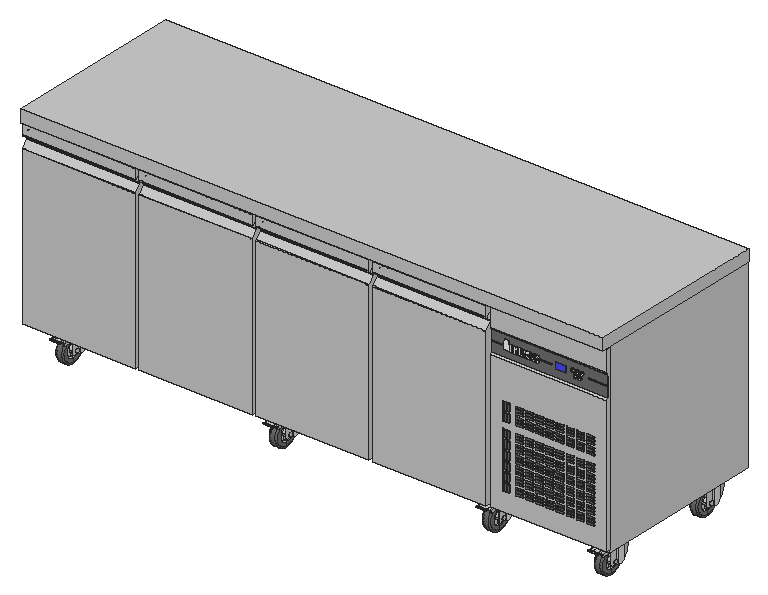
Revit family "QF_INOMAK_PNRP9999_250515103511", category Specialty Equipment, Revit 2021 (continued)
Definition of nested family "QF_INOMAK_REF_COUNTERS_DOORS_DRAWERS_6956"
  Definition of nested family "3_Drawers_1-3"
    Forms (mm)
      Extrusion 3, solid, visible <- "3 Drawers", detail levels coarse
        sketch origin (0, -640.463, 453.333) x (0, 1, 0) y (-1, 0, 0)
          loop
            line (-49.537, -35) -> (-624.582, -35) -> (-624.582, -1165) -> (-49.537, -1165) -> (-49.537, -35)
        from 0 to 293.667
      Extrusion 4, solid, visible <- "3 Drawers", detail levels coarse
        sketch origin (0, -700, 154) x (-1, 0, 0) y (0, 1, 0)
          loop
            line (-35, 10) -> (-1165, 10) -> (-1165, -565.045) -> (-35, -565.045) -> (-35, 10)
        from 0 to -294
      Extrusion 5, solid, material <- "Finish", visible <- "3 Drawers"
        sketch origin (35, 0, -220.667) x (0, -1, 0) y (0, 0, 1)
          loop
            line (690, 674) -> (690, 882.031)
            arc (690, 882.031) -> (689.866, 882.704) -> (689.485, 883.274) r 1.757
            line (689.485, 883.274) -> (666.663, 906.096)
            arc (666.663, 906.096) -> (665.976, 907.125) -> (665.734, 908.339) r 3.172
            line (665.734, 908.339) -> (665.734, 935.243)
            arc (665.734, 935.243) -> (666.433, 936.929) -> (668.119, 937.628) r 2.385
            line (668.119, 937.628) -> (680.029, 937.628) -> (686.544, 928.324)
            arc (686.544, 928.324) -> (688.671, 927.602) -> (690, 929.414) r 1.9
            line (690, 929.414) -> (690, 967.667) -> (648, 967.667) -> (648, 674) -> (690, 674)
        from 0 to -1130
      Extrusion 6, solid, material <- "Finish", visible <- "3 Drawers"
        sketch origin (35, 0, -441.333) x (0, -1, 0) y (0, 0, 1)
          loop
            line (690, 595.333) -> (690, 800.031)
            arc (690, 800.031) -> (689.866, 800.704) -> (689.485, 801.274) r 1.757
            line (689.485, 801.274) -> (666.663, 824.096)
            arc (666.663, 824.096) -> (665.976, 825.125) -> (665.734, 826.339) r 3.172
            line (665.734, 826.339) -> (665.734, 857.243)
            arc (665.734, 857.243) -> (666.433, 858.929) -> (668.119, 859.628) r 2.385
            line (668.119, 859.628) -> (680.029, 859.628) -> (686.544, 850.324)
            arc (686.544, 850.324) -> (688.671, 849.602) -> (690, 851.414) r 1.9
            line (690, 851.414) -> (690, 889.333) -> (648, 889.333) -> (648, 595.333) -> (690, 595.333)
        from 0 to -1130
    Lines and regions (mm)
      symbolic lines, visible <- "3 Drawers"
        curve 1: line (35, -850, 900) -> (35, -890, 900)
        curve 2: line (35, -890, 900) -> (1165, -890, 900)
        curve 3: line (1165, -890, 900) -> (1165, -850, 900)
        curve 4: line (1165, -850, 900) -> (35, -850, 900)
        curve 5: line (1135, -850, 900) -> (1135, -700, 900)
        curve 6: line (65, -850, 900) -> (65, -700, 900)
        curve 7: line (35, -1040, 900) -> (35, -1080, 900)
        curve 8: line (35, -1080, 900) -> (1165, -1080, 900)
        curve 9: line (1165, -1080, 900) -> (1165, -1040, 900)
        curve 10: line (1165, -1040, 900) -> (35, -1040, 900)
        curve 11: line (1135, -1040, 900) -> (1135, -890, 900)
        curve 12: line (65, -1040, 900) -> (65, -890, 900)
        curve 13: line (35, -1225, 900) -> (35, -1265, 900)
        curve 14: line (35, -1265, 900) -> (1165, -1265, 900)
        curve 15: line (1165, -1265, 900) -> (1165, -1225, 900)
        curve 16: line (1165, -1225, 900) -> (35, -1225, 900)
        curve 17: line (1135, -1225, 900) -> (1135, -1080, 900)
        curve 18: line (65, -1225, 900) -> (65, -1080, 900)
    Dimensions and locks
      "Length Actual": plane 3 "Left" to plane 4 "Right"
      "Depth Actual": plane 5 "Front" to plane 1 "Back"
      "Height Actual": plane 6 "Top" to plane 8 "Legs top"
      "Front inset": plane 7 "Front legs" to plane 5 "Front"
      "Plinth height": plane 8 "Legs top" to plane 2
      "Rear inset": plane 9 "Backsplash thickness" to plane 1 "Back"
      "Right panel thickness": plane 11 "Right panel" to plane 4 "Right"
      "Left panel thickness": plane 3 "Left" to plane 10 "Left panel"
      plane 14 to plane 15 = 4.667 mm
      equal spacing: plane 14, plane 12, plane 15
      locked: plane 16 to plane 13 at 2
      equal spacing: plane 18, plane 17, plane 19
      plane 18 to plane 19 = 5.333 mm
      "Bottom inset": plane 20 to plane 8 "Legs top"
      equal spacing: plane 21, plane 17, plane 12, plane 16
      "Top inset": plane 13 to plane 6 "Top"
      locked: plane 21 to plane 20 at 2
      aligned and locked: level to plane 2
      aligned and locked: Extrusion 1 to plane 11 "Right panel"
      aligned and locked: plane 10 "Left panel" to curve 1
      aligned and locked: plane 10 "Left panel" to curve 7
      aligned and locked: plane 10 "Left panel" to curve 13
      aligned and locked: Extrusion 2 sketch curve to plane 10 "Left panel"
      aligned and locked: plane 11 "Right panel" to Extrusion 2 sketch curve
      aligned and locked: Extrusion 3 sketch curve to plane 10 "Left panel"
      aligned and locked: plane 11 "Right panel" to Extrusion 3 sketch curve
      aligned and locked: Extrusion 4 sketch curve to plane 10 "Left panel"
      aligned and locked: plane 11 "Right panel" to Extrusion 4 sketch curve
      aligned and locked: Extrusion 2 to plane 13
      aligned and locked: Extrusion 3 to plane 15
      aligned and locked: Extrusion 4 to plane 19
      aligned and locked: Extrusion 5 to plane 11 "Right panel"
      aligned and locked: Extrusion 6 to plane 11 "Right panel"
      aligned and locked: Extrusion 1 sketch curve to plane 13
      aligned and locked: Extrusion 1 sketch curve to plane 7 "Front legs"
      aligned and locked: plane 18 to Extrusion 5 sketch curve
      aligned and locked: Extrusion 6 sketch curve to Extrusion 4  (x2)
      aligned and locked: Extrusion 5 sketch curve to plane 15
      aligned and locked: Extrusion 4 to Extrusion 5 sketch curve
      aligned and locked: Extrusion 6 sketch curve to plane 19
      aligned and locked: Extrusion 6 sketch curve to plane 20
    Automatic sketch dimensions
      Extrusion 2 sketch curve to plane 7 "Front legs" = 0 mm
      Extrusion 2 sketch curve to plane 5 "Front" = 565.045 mm
      Extrusion 3 sketch curve to plane 7 "Front legs" = 0 mm
      Extrusion 3 sketch curve to plane 5 "Front" = 565.045 mm
      Extrusion 4 sketch curve to plane 7 "Front legs" = 0 mm
      Extrusion 4 sketch curve to plane 5 "Front" = 565.045 mm
      curve 14 to plane 11 "Right panel" = 0 mm
      curve 8 to plane 11 "Right panel" = 0 mm
      curve 3 to plane 11 "Right panel" = 0 mm
      curve 6 to plane 5 "Front" = 0 mm
      curve 5 to plane 5 "Front" = 0 mm
      curve 1 to plane 5 "Front" = 150 mm
      curve 2 to curve 3 = 40 mm
      curve 10 to curve 1 = 150 mm
      curve 9 to curve 9 = 40 mm
      curve 13 to curve 7 = 145 mm
      curve 14 to curve 13 = 40 mm
      curve 3 to curve 5 = 30 mm
      curve 15 to curve 17 = 30 mm
      curve 11 to curve 17 = 0 mm
      curve 6 to plane 10 "Left panel" = 30 mm
      curve 18 to plane 10 "Left panel" = 30 mm
      curve 12 to curve 18 = 0 mm
      Extrusion 1 sketch curve to plane 14 = 0 mm
      Extrusion 1 sketch curve to plane 7 "Front legs" = 0 mm
      plane 7 "Front legs" to Extrusion 1 sketch curve = 0.515 mm
      plane 7 "Front legs" to Extrusion 1 sketch curve = 1.757 mm
      plane 7 "Front legs" to Extrusion 1 sketch curve = 1.9 mm
      Extrusion 1 sketch curve to Extrusion 1 sketch curve = 1.556 mm
      plane 7 "Front legs" to Extrusion 1 sketch curve = 9.971 mm
      plane 7 "Front legs" to Extrusion 1 sketch curve = 21.094 mm
      Extrusion 1 sketch curve to Extrusion 1 sketch curve = 11.91 mm
      Extrusion 1 sketch curve to Extrusion 1 sketch curve = 2.243 mm
      Extrusion 1 sketch curve to Extrusion 1 sketch curve = 2.385 mm
      Extrusion 1 sketch curve to Extrusion 1 sketch curve = 20.119 mm
      plane 13 to Extrusion 1 sketch curve = 85.635 mm
      Extrusion 1 sketch curve to Extrusion 1 sketch curve = 22.822 mm
      Extrusion 1 sketch curve to Extrusion 1 sketch curve = 19.985 mm
      Extrusion 1 sketch curve to Extrusion 1 sketch curve = 6.919 mm
      plane 15 to Extrusion 5 sketch curve = 59.328 mm
      Extrusion 5 sketch curve to Extrusion 5 sketch curve = 17.734 mm
      plane 15 to Extrusion 5 sketch curve = 61.571 mm
      Extrusion 5 sketch curve to Extrusion 5 sketch curve = 0.929 mm
      Extrusion 5 sketch curve to Extrusion 5 sketch curve = 2.385 mm
      Extrusion 5 sketch curve to Extrusion 5 sketch curve = 11.91 mm
      Extrusion 5 sketch curve to Extrusion 5 sketch curve = 6.515 mm
      Extrusion 5 sketch curve to Extrusion 5 sketch curve = 1.556 mm
      Extrusion 5 sketch curve to Extrusion 5 sketch curve = 21.58 mm
      plane 15 to Extrusion 5 sketch curve = 84.393 mm
      Extrusion 5 sketch curve to Extrusion 5 sketch curve = 1.242 mm
      Extrusion 5 sketch curve to Extrusion 5 sketch curve = 1.9 mm
      Extrusion 5 sketch curve to Extrusion 5 sketch curve = 0.515 mm
      Extrusion 5 sketch curve to Extrusion 5 sketch curve = 6.919 mm
      Extrusion 5 sketch curve to Extrusion 5 sketch curve = 30.039 mm
      plane 7 "Front legs" to Extrusion 6 sketch curve = 0.515 mm
      plane 7 "Front legs" to Extrusion 6 sketch curve = 1.757 mm
      plane 7 "Front legs" to Extrusion 6 sketch curve = 1.9 mm
      Extrusion 6 sketch curve to Extrusion 6 sketch curve = 1.556 mm
      plane 7 "Front legs" to Extrusion 6 sketch curve = 9.971 mm
      plane 7 "Front legs" to Extrusion 6 sketch curve = 21.094 mm
      Extrusion 6 sketch curve to Extrusion 6 sketch curve = 11.91 mm
      Extrusion 6 sketch curve to Extrusion 6 sketch curve = 2.243 mm
      Extrusion 6 sketch curve to Extrusion 6 sketch curve = 2.385 mm
      Extrusion 6 sketch curve to Extrusion 6 sketch curve = 20.119 mm
      plane 19 to Extrusion 6 sketch curve = 89.302 mm
      Extrusion 6 sketch curve to Extrusion 6 sketch curve = 22.822 mm
      Extrusion 6 sketch curve to Extrusion 6 sketch curve = 23.985 mm
      Extrusion 6 sketch curve to Extrusion 6 sketch curve = 6.919 mm
  Definition of nested family "2_Drawers_1-2"
    Parameters (values of type "2 Drawers 1-2")
      URL = "www.specifiglobal.com"
      Top inset [instance] = 4 mm
      Right panel thickness [instance] = 35 mm
      Rear inset [instance] = 10 mm
      Plinth height [instance] = 150 mm
      Model = ""
      Manufacturer = "DEMO CONSULTANT"
      Length Actual [instance] = 1200 mm
      Left panel thickness [instance] = 35 mm
      Height Actual [instance] = 900 mm
      Front inset [instance] = 10 mm
      Finish = none
      Doors drawers type [instance] = 4
      Description = ""
      Depth Actual [instance] = 700 mm
      Default Elevation = 0 mm
      Bottom inset [instance] = 4 mm
      Assembly Code = "E1090320"
      2 Drawers [instance] = Doors drawers type = 4  # yes
    Reference planes
      plane 1 "Back": y = 0
      plane 2: z = 0
      plane 3 "Left": x = 0
      plane 4 "Right": x = 1200
      plane 5 "Front": y = -700
      plane 6 "Top": z = 1050
      plane 7 "Front legs": y = -690
      plane 8 "Legs top": z = 150
      plane 9 "Backsplash thickness": y = -10
      plane 10 "Left panel": x = 35
      plane 11 "Right panel": x = 1165
      plane 12: z = 600
      plane 13: z = 1046
      plane 14: z = 602
      plane 15: z = 598
      plane 16: z = 154
    Forms (mm)
      Extrusion 1, solid, material <- "Finish", visible <- "2 Drawers"
        sketch origin (35, 0, 0) x (0, -1, 0) y (0, 0, 1)
          loop
            line (690, 602) -> (690, 960.365)
            arc (690, 960.365) -> (689.866, 961.037) -> (689.485, 961.607) r 1.757
            line (689.485, 961.607) -> (666.663, 984.429)
            arc (666.663, 984.429) -> (665.976, 985.458) -> (665.734, 986.672) r 3.172
            line (665.734, 986.672) -> (665.734, 1013.576)
            arc (665.734, 1013.576) -> (666.433, 1015.262) -> (668.119, 1015.961) r 2.385
            line (668.119, 1015.961) -> (680.029, 1015.961) -> (686.544, 1006.657)
            arc (686.544, 1006.657) -> (688.671, 1005.935) -> (690, 1007.747) r 1.9
            line (690, 1007.747) -> (690, 1046) -> (648, 1046) -> (648, 602) -> (690, 602)
        from 0 to -1130
      Extrusion 2, solid, visible <- "2 Drawers", detail levels coarse
        sketch origin (0, -640.463, 602) x (0, 1, 0) y (-1, 0, 0)
          loop
            line (-49.537, -35) -> (-624.537, -35) -> (-624.537, -1165) -> (-49.537, -1165) -> (-49.537, -35)
        from 0 to 444
      Extrusion 3, solid, visible <- "2 Drawers", detail levels coarse
        sketch origin (0, -700, 154) x (-1, 0, 0) y (0, 1, 0)
          loop
            line (-35, 10) -> (-1165, 10) -> (-1165, -565) -> (-35, -565) -> (-35, 10)
        from 0 to -444
      Extrusion 4, solid, material <- "Finish", visible <- "2 Drawers"
        sketch origin (35, 0, -441.333) x (0, -1, 0) y (0, 0, 1)
          loop
            line (690, 595.333) -> (690, 953.698)
            arc (690, 953.698) -> (689.866, 954.37) -> (689.485, 954.94) r 1.757
            line (689.485, 954.94) -> (666.663, 977.763)
            arc (666.663, 977.763) -> (665.976, 978.792) -> (665.734, 980.006) r 3.172
            line (665.734, 980.006) -> (665.734, 1006.909)
            arc (665.734, 1006.909) -> (666.433, 1008.596) -> (668.119, 1009.294) r 2.385
            line (668.119, 1009.294) -> (680.029, 1009.294) -> (686.544, 999.991)
            arc (686.544, 999.991) -> (688.671, 999.268) -> (690, 1001.08) r 1.9
            line (690, 1001.08) -> (690, 1039.333) -> (648, 1039.333) -> (648, 595.333) -> (690, 595.333)
        from 0 to -1130
    Lines and regions (mm)
      symbolic lines, visible <- "2 Drawers"
        curve 1: line (35, -940, 900) -> (35, -980, 900)
        curve 2: line (35, -980, 900) -> (1165, -980, 900)
        curve 3: line (1165, -980, 900) -> (1165, -940, 900)
        curve 4: line (1165, -940, 900) -> (35, -940, 900)
        curve 5: line (1135, -940, 900) -> (1135, -700, 900)
        curve 6: line (65, -940, 900) -> (65, -700, 900)
        curve 7: line (35, -1225, 900) -> (35, -1265, 900)
        curve 8: line (35, -1265, 900) -> (1165, -1265, 900)
        curve 9: line (1165, -1265, 900) -> (1165, -1225, 900)
        curve 10: line (1165, -1225, 900) -> (35, -1225, 900)
        curve 11: line (1135, -1225, 900) -> (1135, -980, 900)
        curve 12: line (65, -1225, 900) -> (65, -980, 900)
    Dimensions and locks
      "Length Actual": plane 3 "Left" to plane 4 "Right"
      "Depth Actual": plane 5 "Front" to plane 1 "Back"
      "Height Actual": plane 6 "Top" to plane 8 "Legs top"
      "Front inset": plane 7 "Front legs" to plane 5 "Front"
      "Plinth height": plane 8 "Legs top" to plane 2
      "Rear inset": plane 9 "Backsplash thickness" to plane 1 "Back"
      "Right panel thickness": plane 11 "Right panel" to plane 4 "Right"
      "Left panel thickness": plane 3 "Left" to plane 10 "Left panel"
      "Top inset": plane 6 "Top" to plane 13
      "Bottom inset": plane 16 to plane 8 "Legs top"
      equal spacing: plane 16, plane 12, plane 13
      locked: plane 14 to plane 12 at 2
      locked: plane 15 to plane 12 at 2
      aligned and locked: level to plane 2
      aligned and locked: Extrusion 1 to plane 11 "Right panel"
      aligned and locked: plane 10 "Left panel" to curve 1
      aligned and locked: plane 10 "Left panel" to curve 7
      aligned and locked: Extrusion 2 sketch curve to plane 10 "Left panel"
      aligned and locked: plane 11 "Right panel" to Extrusion 2 sketch curve
      aligned and locked: Extrusion 3 sketch curve to plane 10 "Left panel"
      aligned and locked: plane 11 "Right panel" to Extrusion 3 sketch curve
      aligned and locked: Extrusion 2 to plane 13
      aligned and locked: Extrusion 4 to plane 11 "Right panel"
      aligned and locked: Extrusion 3 to plane 15
      aligned and locked: Extrusion 1 sketch curve to plane 13
      aligned and locked: Extrusion 1 sketch curve to plane 7 "Front legs"
      aligned and locked: plane 14 to Extrusion 1 sketch curve
      aligned and locked: Extrusion 4 sketch curve to plane 15
      aligned and locked: Extrusion 4 sketch curve to plane 7 "Front legs"
      aligned and locked: Extrusion 4 sketch curve to plane 16
    Automatic sketch dimensions
      Extrusion 2 sketch curve to plane 7 "Front legs" = 0 mm
      Extrusion 2 sketch curve to plane 5 "Front" = 565 mm
      Extrusion 3 sketch curve to plane 7 "Front legs" = 0 mm
      Extrusion 3 sketch curve to plane 5 "Front" = 565 mm
      curve 9 to plane 11 "Right panel" = 0 mm
      curve 2 to plane 11 "Right panel" = 0 mm
      curve 5 to plane 5 "Front" = 0 mm
      curve 6 to plane 5 "Front" = 0 mm
      curve 1 to plane 5 "Front" = 240 mm
      curve 3 to curve 3 = 40 mm
      curve 7 to curve 1 = 245 mm
      curve 8 to curve 9 = 40 mm
      plane 11 "Right panel" to curve 5 = 30 mm
      curve 2 to curve 11 = 30 mm
      curve 6 to plane 10 "Left panel" = 30 mm
      curve 12 to plane 10 "Left panel" = 30 mm
      Extrusion 1 sketch curve to Extrusion 1 sketch curve = 17.734 mm
      Extrusion 1 sketch curve to Extrusion 1 sketch curve = 0.929 mm
      Extrusion 1 sketch curve to Extrusion 1 sketch curve = 2.385 mm
      Extrusion 1 sketch curve to Extrusion 1 sketch curve = 3.172 mm
      Extrusion 1 sketch curve to Extrusion 1 sketch curve = 11.91 mm
      Extrusion 1 sketch curve to Extrusion 1 sketch curve = 6.515 mm
      Extrusion 1 sketch curve to Extrusion 1 sketch curve = 1.556 mm
      Extrusion 1 sketch curve to Extrusion 1 sketch curve = 21.58 mm
      Extrusion 1 sketch curve to Extrusion 1 sketch curve = 1.242 mm
      Extrusion 1 sketch curve to Extrusion 1 sketch curve = 1.9 mm
      Extrusion 1 sketch curve to Extrusion 1 sketch curve = 0.515 mm
      Extrusion 1 sketch curve to Extrusion 1 sketch curve = 22.822 mm
      Extrusion 1 sketch curve to Extrusion 1 sketch curve = 19.985 mm
      Extrusion 1 sketch curve to Extrusion 1 sketch curve = 6.919 mm
      Extrusion 1 sketch curve to Extrusion 1 sketch curve = 30.039 mm
      Extrusion 4 sketch curve to plane 7 "Front legs" = 0 mm
      plane 7 "Front legs" to Extrusion 4 sketch curve = 0.515 mm
      plane 7 "Front legs" to Extrusion 4 sketch curve = 1.757 mm
      plane 7 "Front legs" to Extrusion 4 sketch curve = 1.9 mm
      Extrusion 4 sketch curve to Extrusion 4 sketch curve = 1.556 mm
      plane 7 "Front legs" to Extrusion 4 sketch curve = 9.971 mm
      plane 7 "Front legs" to Extrusion 4 sketch curve = 21.094 mm
      Extrusion 4 sketch curve to Extrusion 4 sketch curve = 11.91 mm
      Extrusion 4 sketch curve to Extrusion 4 sketch curve = 2.243 mm
      Extrusion 4 sketch curve to Extrusion 4 sketch curve = 2.385 mm
      Extrusion 4 sketch curve to Extrusion 4 sketch curve = 20.119 mm
      Extrusion 4 sketch curve to Extrusion 4 sketch curve = 22.822 mm
      Extrusion 4 sketch curve to Extrusion 4 sketch curve = 19.985 mm
      Extrusion 4 sketch curve to Extrusion 4 sketch curve = 6.919 mm
      Extrusion 4 sketch curve to Extrusion 4 sketch curve = 30.039 mm
  Definition of nested family "2_Drawers_1-3_2-3"
    Parameters (values of type "2 Drawers 1-3 and 2-3")
      URL = "www.specifiglobal.com"
      Top inset [instance] = 4 mm
      Right panel thickness [instance] = 35 mm
      Rear inset [instance] = 10 mm
      Plinth height [instance] = 150 mm
      Model = ""
      Manufacturer = "DEMO CONSULTANT"
      Length Actual [instance] = 1200 mm
      Left panel thickness [instance] = 35 mm
      Height Actual [instance] = 900 mm
      Front inset [instance] = 10 mm
      Finish = none
      Doors drawers type [instance] = 5
      Description = ""
      Depth Actual [instance] = 700 mm
      Default Elevation = 0 mm
      Bottom inset [instance] = 4 mm
      Assembly Code = "E1090320"
      2 Drawers 1-3 and 2-3 [instance] = Doors drawers type = 5  # yes
    Reference planes
      plane 1 "Back": y = 0
      plane 2: z = 0
      plane 3 "Left": x = 0
      plane 4 "Right": x = 1200
      plane 5 "Front": y = -700
      plane 6 "Top": z = 1050
      plane 7 "Front legs": y = -690
      plane 8 "Legs top": z = 150
      plane 9 "Backsplash thickness": y = -10
      plane 10 "Left panel": x = 35
      plane 11 "Right panel": x = 1165
      plane 12: z = 1046
      plane 13: z = 751.833
      plane 14: z = 746.833
      plane 15: z = 154
      plane 16: z = 450.667
      plane 17: z = 152
      plane 18: z = 1048
      plane 19: z = 749.333
    Forms (mm)
      Extrusion 1, solid, material <- "Finish", visible <- "2 Drawers 1-3 and 2-3"
        sketch origin (35, 0, 0) x (0, -1, 0) y (0, 0, 1)
          loop
            line (690, 751.833) -> (690, 960.365)
            arc (690, 960.365) -> (689.866, 961.037) -> (689.485, 961.607) r 1.757
            line (689.485, 961.607) -> (666.663, 984.429)
            arc (666.663, 984.429) -> (665.976, 985.458) -> (665.734, 986.672) r 3.172
            line (665.734, 986.672) -> (665.734, 1013.576)
            arc (665.734, 1013.576) -> (666.433, 1015.262) -> (668.119, 1015.961) r 2.385
            line (668.119, 1015.961) -> (680.029, 1015.961) -> (686.544, 1006.657)
            arc (686.544, 1006.657) -> (688.671, 1005.935) -> (690, 1007.747) r 1.9
            line (690, 1007.747) -> (690, 1046) -> (648, 1046) -> (648, 751.833) -> (690, 751.833)
        from 0 to -1130
      Extrusion 2, solid, visible <- "2 Drawers 1-3 and 2-3", detail levels coarse
        sketch origin (0, -640.463, 751.833) x (0, 1, 0) y (-1, 0, 0)
          loop
            line (-49.537, -35) -> (-624.537, -35) -> (-624.537, -1165) -> (-49.537, -1165) -> (-49.537, -35)
        from 0 to 294.167
      Extrusion 3, solid, visible <- "2 Drawers 1-3 and 2-3", detail levels coarse
        sketch origin (0, -700, 154) x (-1, 0, 0) y (0, 1, 0)
          loop
            line (-35, 10) -> (-1165, 10) -> (-1165, -565) -> (-35, -565) -> (-35, 10)
        from 0 to -592.833
      Extrusion 4, solid, material <- "Finish", visible <- "2 Drawers 1-3 and 2-3"
        sketch origin (35, 0, -441.333) x (0, -1, 0) y (0, 0, 1)
          loop
            line (690, 595.333) -> (690, 1101.698)
            arc (690, 1101.698) -> (689.866, 1102.37) -> (689.485, 1102.94) r 1.757
            line (689.485, 1102.94) -> (666.663, 1126.596)
            arc (666.663, 1126.596) -> (665.976, 1127.625) -> (665.734, 1128.839) r 3.172
            line (665.734, 1128.839) -> (665.734, 1155.743)
            arc (665.734, 1155.743) -> (666.433, 1157.429) -> (668.119, 1158.128) r 2.385
            line (668.119, 1158.128) -> (680.029, 1158.128) -> (686.544, 1148.824)
            arc (686.544, 1148.824) -> (688.671, 1148.102) -> (690, 1149.914) r 1.9
            line (690, 1149.914) -> (690, 1188.167) -> (648, 1188.167) -> (648, 595.333) -> (690, 595.333)
        from 0 to -1130
    Lines and regions (mm)
      symbolic lines, visible <- "2 Drawers 1-3 and 2-3"
        curve 1: line (35, -1000, 900) -> (35, -1040, 900)
        curve 2: line (35, -1040, 900) -> (1165, -1040, 900)
        curve 3: line (1165, -1040, 900) -> (1165, -1000, 900)
        curve 4: line (1165, -1000, 900) -> (35, -1000, 900)
        curve 5: line (1135, -1000, 900) -> (1135, -700, 900)
        curve 6: line (65, -1000, 900) -> (65, -700, 900)
        curve 7: line (35, -1225, 900) -> (35, -1265, 900)
        curve 8: line (35, -1265, 900) -> (1165, -1265, 900)
        curve 9: line (1165, -1265, 900) -> (1165, -1225, 900)
        curve 10: line (1165, -1225, 900) -> (35, -1225, 900)
        curve 11: line (1135, -1225, 900) -> (1135, -1040, 900)
        curve 12: line (65, -1225, 900) -> (65, -1040, 900)
    Dimensions and locks
      "Length Actual": plane 3 "Left" to plane 4 "Right"
      "Depth Actual": plane 5 "Front" to plane 1 "Back"
      "Height Actual": plane 6 "Top" to plane 8 "Legs top"
      "Front inset": plane 7 "Front legs" to plane 5 "Front"
      "Plinth height": plane 8 "Legs top" to plane 2
      "Rear inset": plane 9 "Backsplash thickness" to plane 1 "Back"
      "Right panel thickness": plane 11 "Right panel" to plane 4 "Right"
      "Left panel thickness": plane 3 "Left" to plane 10 "Left panel"
      "Top inset": plane 6 "Top" to plane 12
      locked: plane 13 to plane 14 at 5
      "Bottom inset": plane 15 to plane 8 "Legs top"
      equal spacing: plane 17, plane 16, plane 19, plane 18
      equal spacing: plane 12, plane 18, plane 6 "Top"
      equal spacing: plane 14, plane 19, plane 13
      equal spacing: plane 15, plane 17, plane 8 "Legs top"
      aligned and locked: level to plane 2
      aligned and locked: Extrusion 1 to plane 11 "Right panel"
      aligned and locked: plane 10 "Left panel" to curve 1
      aligned and locked: plane 10 "Left panel" to curve 7
      aligned and locked: Extrusion 2 sketch curve to plane 10 "Left panel"
      aligned and locked: plane 11 "Right panel" to Extrusion 2 sketch curve
      aligned and locked: Extrusion 3 sketch curve to plane 10 "Left panel"
      aligned and locked: plane 11 "Right panel" to Extrusion 3 sketch curve
      aligned and locked: Extrusion 2 to plane 12
      aligned and locked: Extrusion 4 to plane 11 "Right panel"
      aligned and locked: Extrusion 3 to plane 14
      aligned and locked: plane 13 to Extrusion 1 sketch curve
      aligned and locked: Extrusion 2 to Extrusion 1 sketch curve
      aligned and locked: Extrusion 3 to Extrusion 4 sketch curve
      aligned and locked: Extrusion 4 sketch curve to Extrusion 3  (x2)
      aligned and locked: Extrusion 1 sketch curve to plane 7 "Front legs"
    Automatic sketch dimensions
      Extrusion 2 sketch curve to plane 7 "Front legs" = 0 mm
      Extrusion 2 sketch curve to plane 5 "Front" = 565 mm
      Extrusion 3 sketch curve to plane 7 "Front legs" = 0 mm
      Extrusion 3 sketch curve to plane 5 "Front" = 565 mm
      curve 9 to plane 11 "Right panel" = 0 mm
      curve 2 to plane 11 "Right panel" = 0 mm
      curve 5 to plane 5 "Front" = 0 mm
      curve 6 to plane 5 "Front" = 0 mm
      curve 1 to plane 5 "Front" = 300 mm
      curve 3 to curve 3 = 40 mm
      curve 7 to curve 1 = 185 mm
      curve 8 to curve 9 = 40 mm
      plane 11 "Right panel" to curve 5 = 30 mm
      curve 11 to curve 5 = 0 mm
      curve 6 to plane 10 "Left panel" = 30 mm
      curve 12 to curve 6 = 0 mm
      Extrusion 1 sketch curve to plane 7 "Front legs" = 0 mm
      plane 7 "Front legs" to Extrusion 1 sketch curve = 0.515 mm
      plane 7 "Front legs" to Extrusion 1 sketch curve = 1.757 mm
      plane 7 "Front legs" to Extrusion 1 sketch curve = 1.9 mm
      Extrusion 1 sketch curve to Extrusion 1 sketch curve = 1.556 mm
      plane 7 "Front legs" to Extrusion 1 sketch curve = 9.971 mm
      plane 7 "Front legs" to Extrusion 1 sketch curve = 21.094 mm
      Extrusion 1 sketch curve to Extrusion 1 sketch curve = 11.91 mm
      Extrusion 1 sketch curve to Extrusion 1 sketch curve = 2.243 mm
      Extrusion 1 sketch curve to Extrusion 1 sketch curve = 2.385 mm
      Extrusion 1 sketch curve to Extrusion 1 sketch curve = 20.119 mm
      plane 12 to Extrusion 1 sketch curve = 85.635 mm
      Extrusion 1 sketch curve to Extrusion 1 sketch curve = 22.822 mm
      Extrusion 1 sketch curve to Extrusion 1 sketch curve = 19.985 mm
      Extrusion 1 sketch curve to Extrusion 1 sketch curve = 6.919 mm
      plane 12 to Extrusion 1 sketch curve = 0 mm
      Extrusion 4 sketch curve to plane 7 "Front legs" = 0 mm
      plane 7 "Front legs" to Extrusion 4 sketch curve = 0.515 mm
      plane 7 "Front legs" to Extrusion 4 sketch curve = 1.9 mm
      Extrusion 4 sketch curve to Extrusion 4 sketch curve = 1.556 mm
      plane 7 "Front legs" to Extrusion 4 sketch curve = 9.971 mm
      plane 7 "Front legs" to Extrusion 4 sketch curve = 21.094 mm
      Extrusion 4 sketch curve to Extrusion 4 sketch curve = 11.91 mm
      Extrusion 4 sketch curve to Extrusion 4 sketch curve = 2.243 mm
      Extrusion 4 sketch curve to Extrusion 4 sketch curve = 2.385 mm
      Extrusion 4 sketch curve to Extrusion 4 sketch curve = 20.119 mm
      Extrusion 4 sketch curve to Extrusion 4 sketch curve = 86.469 mm
      Extrusion 4 sketch curve to Extrusion 4 sketch curve = 23.656 mm
      Extrusion 4 sketch curve to Extrusion 4 sketch curve = 19.985 mm
      Extrusion 4 sketch curve to Extrusion 4 sketch curve = 6.919 mm
      plane 7 "Front legs" to Extrusion 4 sketch curve = 1.757 mm
  Definition of nested family "Sliding_Doors"
    Parameters (values of type "Sliding doors")
      URL = "www.specifiglobal.com"
      Top inset [instance] = 4 mm
      Sliding doors [instance] = Doors drawers type = 2  # yes
      Right panel thickness [instance] = 35 mm
      Rear inset [instance] = 10 mm
      Plinth height [instance] = 150 mm
      Model = ""
      Manufacturer = "DEMO CONSULTANT"
      Length Actual [instance] = 1200 mm
      Left panel thickness [instance] = 35 mm
      Height Actual [instance] = 900 mm
      Front inset [instance] = 10 mm
      Finish [instance] = none
      Doors drawers type [instance] = 2
      Description = ""
      Depth Actual [instance] = 700 mm
      Default Elevation = 0 mm
      Bottom inset [instance] = 4 mm
      Assembly Code = "E1090320"
    Reference planes
      plane 1 "Back": y = 0
      plane 2: z = 0
      plane 3 "Left": x = 0
      plane 4 "Right": x = 1200
      plane 5 "Front": y = -700
      plane 6 "Top": z = 1050
      plane 7 "Front legs": y = -690
      plane 8 "Legs top": z = 150
      plane 9 "Backsplash thickness": y = -10
      plane 10: x = 35
      plane 11: x = 1165
      plane 12 "Center Left-Right": x = 600
      plane 13: z = 154
      plane 14: z = 1046
    Forms (mm)
      Extrusion 1, solid, material <- "Finish", visible <- "Sliding doors"
        sketch origin (0, -690, 154) x (-1, 0, 0) y (0, 1, 0)
          loop
            line (-35, 10) -> (-35, 20) -> (-620, 20) -> (-620, 0) -> (-91.156, 0)
            arc (-91.156, 0) -> (-85.272, 0.885) -> (-79.91, 3.461) r 20
            line (-79.91, 3.461) -> (-60, 17) -> (-38, 17) -> (-38, 10)
            arc (-38, 10) -> (-40.05, 5.05) -> (-45, 3) r 7
            line (-45, 3) -> (-50.012, 3) -> (-50.012, 0) -> (-45, 0)
            arc (-45, 0) -> (-37.929, 2.929) -> (-35, 10) r 10
        from 0 to -892
      Extrusion 2, solid, material <- "Finish", visible <- "Sliding doors"
        sketch origin (0, -689, 154) x (-1, 0, 0) y (0, 1, 0)
          loop
            arc (-1065, 30) -> (-1062.071, 22.929) -> (-1055, 20) r 10
            line (-1055, 20) -> (-1049.988, 20) -> (-1049.988, 23) -> (-1055, 23)
            arc (-1055, 23) -> (-1059.95, 25.05) -> (-1062, 30) r 7
            line (-1062, 30) -> (-1062, 37) -> (-1040, 37) -> (-1020.09, 23.461)
            arc (-1020.09, 23.461) -> (-1014.728, 20.885) -> (-1008.844, 20) r 20
            line (-1008.844, 20) -> (-480, 20) -> (-480, 40) -> (-1065, 40) -> (-1065, 30)
        from 0 to -892
    Lines and regions (mm)
      symbolic lines, visible <- "Sliding doors"
        curve 1: line (1065, -649, 150) -> (480, -649, 150)
        curve 2: line (1065, -669, 150) -> (1065, -649, 150)
        curve 3: line (480, -669, 150) -> (1065, -669, 150)
        curve 4: line (480, -649, 150) -> (480, -669, 150)
        curve 5: line (620, -690, 150) -> (35, -690, 150)
        curve 6: line (620, -670, 150) -> (620, -690, 150)
        curve 7: line (35, -670, 150) -> (620, -670, 150)
        curve 8: line (35, -690, 150) -> (35, -670, 150)
    Dimensions and locks
      "Length Actual": plane 3 "Left" to plane 4 "Right"
      "Depth Actual": plane 5 "Front" to plane 1 "Back"
      "Height Actual": plane 6 "Top" to plane 8 "Legs top"
      "Front inset": plane 7 "Front legs" to plane 5 "Front"
      "Plinth height": plane 8 "Legs top" to plane 2
      "Rear inset": plane 9 "Backsplash thickness" to plane 1 "Back"
      "Right panel thickness": plane 11 to plane 4 "Right"
      "Left panel thickness": plane 3 "Left" to plane 10
      equal spacing: plane 10, plane 12 "Center Left-Right", plane 11
      "Top inset": plane 6 "Top" to plane 14
      "Bottom inset": plane 13 to plane 8 "Legs top"
      locked: plane 12 "Center Left-Right" to curve 4 at 120
      locked: plane 12 "Center Left-Right" to curve 5 at 20
      locked: plane 11 to curve 1 at 100
      aligned and locked: level to plane 2
      aligned and locked: Extrusion 1 sketch curve to plane 7 "Front legs"
      aligned and locked: Extrusion 1 sketch curve to plane 10
      aligned and locked: Extrusion 1 to plane 14
      aligned and locked: Extrusion 2 to plane 14
      aligned and locked: curve 8 to plane 10
    Automatic sketch dimensions
      Extrusion 2 sketch curve to Extrusion 2 sketch curve = 0 mm  (x2)
      plane 11 to Extrusion 2 sketch curve = 100 mm
      Extrusion 2 sketch curve to Extrusion 2 sketch curve = 3 mm
      Extrusion 2 sketch curve to Extrusion 2 sketch curve = 7 mm  (x2)
      Extrusion 2 sketch curve to Extrusion 2 sketch curve = 5.012 mm
      plane 7 "Front legs" to Extrusion 2 sketch curve = 38 mm
      Extrusion 2 sketch curve to Extrusion 2 sketch curve = 15 mm
      plane 7 "Front legs" to Extrusion 2 sketch curve = 24.461 mm
      Extrusion 2 sketch curve to Extrusion 2 sketch curve = 19.91 mm
      Extrusion 2 sketch curve to Extrusion 2 sketch curve = 11.246 mm
      Extrusion 2 sketch curve to plane 12 "Center Left-Right" = 120 mm
      Extrusion 2 sketch curve to Extrusion 2 sketch curve = 16.539 mm
      Extrusion 2 sketch curve to Extrusion 2 sketch curve = 20 mm
      Extrusion 1 sketch curve to Extrusion 1 sketch curve = 0 mm  (x2)
      Extrusion 1 sketch curve to plane 7 "Front legs" = 0 mm
      Extrusion 1 sketch curve to plane 10 = 3 mm
      Extrusion 1 sketch curve to Extrusion 1 sketch curve = 7 mm
      Extrusion 1 sketch curve to Extrusion 1 sketch curve = 5.012 mm
      Extrusion 1 sketch curve to Extrusion 1 sketch curve = 15 mm
      plane 7 "Front legs" to Extrusion 1 sketch curve = 3.461 mm
      Extrusion 1 sketch curve to Extrusion 1 sketch curve = 19.91 mm
      Extrusion 1 sketch curve to Extrusion 1 sketch curve = 11.246 mm
      plane 12 "Center Left-Right" to Extrusion 1 sketch curve = 20 mm
      Extrusion 1 sketch curve to Extrusion 1 sketch curve = 20 mm
      Extrusion 1 sketch curve to Extrusion 1 sketch curve = 3 mm
      curve 8 to plane 7 "Front legs" = 0 mm
      curve 5 to curve 6 = 20 mm
      plane 7 "Front legs" to curve 2 = 21 mm
      curve 2 to curve 2 = 20 mm
  Definition of nested family "4_Drawers_1-4"
    Parameters (values of type "4 Drawers 1-4")
      URL = "www.specifiglobal.com"
      Top inset [instance] = 4 mm
      Right panel thickness [instance] = 35 mm
      Rear inset [instance] = 10 mm
      Plinth height [instance] = 150 mm
      Model = ""
      Manufacturer = "DEMO CONSULTANT"
      Length Actual [instance] = 1200 mm
      Left panel thickness [instance] = 35 mm
      Height Actual [instance] = 900 mm
      Front inset [instance] = 10 mm
      Finish [instance] = none
      Doors drawers type [instance] = 7
      Description = ""
      Depth Actual [instance] = 700 mm
      Default Elevation = 0 mm
      Bottom inset [instance] = 4 mm
      Assembly Code = "E1090320"
      4 Drawers [instance] = Doors drawers type = 7  # yes
    Reference planes
      plane 1 "Back": y = 0
      plane 2: z = 0
      plane 3 "Left": x = 0
      plane 4 "Right": x = 1200
      plane 5 "Front": y = -700
      plane 6 "Top": z = 1050
      plane 7 "Front legs": y = -690
      plane 8 "Legs top": z = 150
      plane 9 "Backsplash thickness": y = -10
      plane 10 "Left panel": x = 35
      plane 11 "Right panel": x = 1165
      plane 12: z = 824.25
      plane 13: z = 1046
      plane 14: z = 826.083
      plane 15: z = 822.417
      plane 16: z = 1048.5
      plane 17: z = 375.75
      plane 18: z = 377.917
      plane 19: z = 373.583
      plane 20: z = 154
      plane 21: z = 151.5
      plane 22: z = 600
      plane 23: z = 601.833
      plane 24: z = 598.167
    Forms (mm)
      Extrusion 1, solid, material <- "Finish", visible <- "4 Drawers"
        sketch origin (35, 0, -1) x (0, -1, 0) y (0, 0, 1)
          loop
            line (680, 1047) -> (670, 1047) -> (670, 827.083) -> (690, 827.083) -> (690, 990.844)
            arc (690, 990.844) -> (689.115, 996.728) -> (686.539, 1002.09) r 20
            line (686.539, 1002.09) -> (673, 1022) -> (673, 1044) -> (680, 1044)
            arc (680, 1044) -> (684.95, 1041.95) -> (687, 1037) r 7
            line (687, 1037) -> (687, 1031.988) -> (690, 1031.988) -> (690, 1037)
            arc (690, 1037) -> (687.071, 1044.071) -> (680, 1047) r 10
        from 0 to -1130
      Extrusion 2, solid, visible <- "4 Drawers", detail levels coarse
        sketch origin (0, -640.463, 826.083) x (0, 1, 0) y (-1, 0, 0)
          loop
            line (-49.537, -35) -> (-624.537, -35) -> (-624.537, -1165) -> (-49.537, -1165) -> (-49.537, -35)
        from 0 to 219.917
      Extrusion 3, solid, visible <- "4 Drawers", detail levels coarse
        sketch origin (0, -700, 154) x (-1, 0, 0) y (0, 1, 0)
          loop
            line (-35, 10) -> (-1165, 10) -> (-1165, -565) -> (-35, -565) -> (-35, 10)
        from 0 to -219.583
      Extrusion 4, solid, material <- "Finish", visible <- "4 Drawers"
        sketch origin (35, 0, -440.333) x (0, -1, 0) y (0, 0, 1)
          loop
            line (680, 813.917) -> (670, 813.917) -> (670, 594.333) -> (690, 594.333) -> (690, 757.761)
            arc (690, 757.761) -> (689.115, 763.644) -> (686.539, 769.007) r 20
            line (686.539, 769.007) -> (673, 788.917) -> (673, 810.917) -> (680, 810.917)
            arc (680, 810.917) -> (684.95, 808.866) -> (687, 803.917) r 7
            line (687, 803.917) -> (687, 798.904) -> (690, 798.904) -> (690, 803.917)
            arc (690, 803.917) -> (687.071, 810.988) -> (680, 813.917) r 10
        from 0 to -1130
      Extrusion 5, solid, material <- "Finish", visible <- "4 Drawers"
        sketch origin (35, 0, -165.333) x (0, -1, 0) y (0, 0, 1)
          loop
            line (680, 987.75) -> (670, 987.75) -> (670, 767.167) -> (690, 767.167) -> (690, 931.594)
            arc (690, 931.594) -> (689.115, 937.478) -> (686.539, 942.84) r 20
            line (686.539, 942.84) -> (673, 962.75) -> (673, 984.75) -> (680, 984.75)
            arc (680, 984.75) -> (684.95, 982.7) -> (687, 977.75) r 7
            line (687, 977.75) -> (687, 972.738) -> (690, 972.738) -> (690, 977.75)
            arc (690, 977.75) -> (687.071, 984.821) -> (680, 987.75) r 10
        from 0 to -1130
      Extrusion 6, solid, material <- "Finish", visible <- "4 Drawers"
        sketch origin (35, 0, -330.333) x (0, -1, 0) y (0, 0, 1)
          loop
            line (680, 928.5) -> (670, 928.5) -> (670, 708.25) -> (690, 708.25) -> (690, 872.344)
            arc (690, 872.344) -> (689.115, 878.228) -> (686.539, 883.59) r 20
            line (686.539, 883.59) -> (673, 903.5) -> (673, 925.5) -> (680, 925.5)
            arc (680, 925.5) -> (684.95, 923.45) -> (687, 918.5) r 7
            line (687, 918.5) -> (687, 913.488) -> (690, 913.488) -> (690, 918.5)
            arc (690, 918.5) -> (687.071, 925.571) -> (680, 928.5) r 10
        from 0 to -1130
      Extrusion 7, solid, visible <- "4 Drawers", detail levels coarse
        sketch origin (0, -500.463, 601.833) x (0, 1, 0) y (-1, 0, 0)
          loop
            line (-189.537, -35) -> (-764.537, -35) -> (-764.537, -1165) -> (-189.537, -1165) -> (-189.537, -35)
        from 0 to 220.583
      Extrusion 8, solid, visible <- "4 Drawers", detail levels coarse
        sketch origin (0, -540.463, 377.917) x (0, 1, 0) y (-1, 0, 0)
          loop
            line (-149.537, -35) -> (-724.537, -35) -> (-724.537, -1165) -> (-149.537, -1165) -> (-149.537, -35)
        from 0 to 220.25
    Lines and regions (mm)
      symbolic lines, visible <- "4 Drawers"
        curve 1: line (35, -945, 900) -> (35, -985, 900)
        curve 2: line (35, -985, 900) -> (1165, -985, 900)
        curve 3: line (1165, -985, 900) -> (1165, -945, 900)
        curve 4: line (1165, -945, 900) -> (35, -945, 900)
        curve 5: line (1135, -945, 900) -> (1135, -845, 900)
        curve 6: line (65, -945, 900) -> (65, -845, 900)
        curve 7: line (35, -1085, 900) -> (35, -1125, 900)
        curve 8: line (35, -1125, 900) -> (1165, -1125, 900)
        curve 9: line (1165, -1125, 900) -> (1165, -1085, 900)
        curve 10: line (1165, -1085, 900) -> (35, -1085, 900)
        curve 11: line (1135, -1085, 900) -> (1135, -985, 900)
        curve 12: line (65, -1085, 900) -> (65, -985, 900)
        curve 13: line (35, -1225, 900) -> (35, -1265, 900)
        curve 14: line (35, -1265, 900) -> (1165, -1265, 900)
        curve 15: line (1165, -1265, 900) -> (1165, -1225, 900)
        curve 16: line (1165, -1225, 900) -> (35, -1225, 900)
        curve 17: line (1135, -1225, 900) -> (1135, -1125, 900)
        curve 18: line (65, -1225, 900) -> (65, -1125, 900)
        curve 19: line (35, -805, 900) -> (35, -845, 900)
        curve 20: line (35, -845, 900) -> (1165, -845, 900)
        curve 21: line (1165, -845, 900) -> (1165, -805, 900)
        curve 22: line (1165, -805, 900) -> (35, -805, 900)
        curve 23: line (65, -805, 900) -> (65, -700, 900)
        curve 24: line (1135, -805, 900) -> (1135, -700, 900)
    Dimensions and locks
      "Length Actual": plane 3 "Left" to plane 4 "Right"
      "Depth Actual": plane 5 "Front" to plane 1 "Back"
      "Height Actual": plane 6 "Top" to plane 8 "Legs top"
      "Front inset": plane 7 "Front legs" to plane 5 "Front"
      "Plinth height": plane 8 "Legs top" to plane 2
      "Rear inset": plane 9 "Backsplash thickness" to plane 1 "Back"
      "Right panel thickness": plane 11 "Right panel" to plane 4 "Right"
      "Left panel thickness": plane 3 "Left" to plane 10 "Left panel"
      locked: plane 14 to plane 15 at 3.667
      equal spacing: plane 14, plane 12, plane 15
      locked: plane 23 to plane 24 at 3.667
      equal spacing: plane 23, plane 22, plane 24
      "Bottom inset": plane 20 to plane 8 "Legs top"
      equal spacing: plane 19, plane 17, plane 18
      locked: plane 19 to plane 18 at 4.333
      equal spacing: plane 21, plane 17, plane 22, plane 12, plane 16
      locked: plane 13 to plane 16 at 2.5
      "Top inset": plane 13 to plane 6 "Top"
      locked: plane 21 to plane 20 at 2.5
      aligned and locked: level to plane 2
      aligned and locked: plane 7 "Front legs" to Extrusion 1 sketch curve  (x2)
      aligned and locked: Extrusion 1 to plane 11 "Right panel"
      aligned and locked: Extrusion 1 sketch curve to plane 13
      aligned and locked: Extrusion 1 sketch curve to plane 14
      aligned and locked: plane 10 "Left panel" to curve 1
      aligned and locked: plane 10 "Left panel" to curve 7
      aligned and locked: plane 10 "Left panel" to curve 13
      aligned and locked: Extrusion 2 sketch curve to plane 10 "Left panel"
      aligned and locked: plane 11 "Right panel" to Extrusion 2 sketch curve
      aligned and locked: Extrusion 3 sketch curve to plane 10 "Left panel"
      aligned and locked: plane 11 "Right panel" to Extrusion 3 sketch curve
      aligned and locked: Extrusion 2 to plane 13
      aligned and locked: Extrusion 3 to plane 19
      aligned and locked: plane 20 to Extrusion 4 sketch curve
      aligned and locked: Extrusion 4 to plane 11 "Right panel"
      aligned and locked: Extrusion 5 sketch curve to plane 15
      aligned and locked: plane 7 "Front legs" to Extrusion 5 sketch curve
      aligned and locked: Extrusion 5 sketch curve to plane 23
      aligned and locked: Extrusion 6 sketch curve to plane 24
      aligned and locked: plane 7 "Front legs" to Extrusion 6 sketch curve
      aligned and locked: Extrusion 6 sketch curve to plane 18
      aligned and locked: Extrusion 7 to plane 15
      aligned and locked: Extrusion 8 to plane 24
      aligned and locked: Extrusion 5 to plane 11 "Right panel"
      aligned and locked: Extrusion 6 to plane 11 "Right panel"
    Automatic sketch dimensions
      Extrusion 1 sketch curve to Extrusion 1 sketch curve = 0 mm  (x2)
      plane 7 "Front legs" to Extrusion 1 sketch curve = 3 mm
      plane 7 "Front legs" to Extrusion 1 sketch curve = 3.461 mm
      plane 7 "Front legs" to Extrusion 1 sketch curve = 10 mm
      Extrusion 1 sketch curve to Extrusion 1 sketch curve = 7 mm
      plane 7 "Front legs" to Extrusion 1 sketch curve = 20 mm  (x2)
      Extrusion 1 sketch curve to Extrusion 1 sketch curve = 46.156 mm
      Extrusion 1 sketch curve to Extrusion 1 sketch curve = 15 mm
      Extrusion 1 sketch curve to Extrusion 1 sketch curve = 5.012 mm
      Extrusion 2 sketch curve to plane 7 "Front legs" = 0 mm
      Extrusion 2 sketch curve to plane 5 "Front" = 565 mm
      Extrusion 3 sketch curve to plane 7 "Front legs" = 0 mm
      Extrusion 3 sketch curve to plane 5 "Front" = 565 mm
      Extrusion 5 sketch curve to Extrusion 5 sketch curve = 0 mm  (x2)
      Extrusion 5 sketch curve to plane 7 "Front legs" = 0 mm
      plane 7 "Front legs" to Extrusion 5 sketch curve = 3 mm
      plane 7 "Front legs" to Extrusion 5 sketch curve = 3.461 mm
      plane 7 "Front legs" to Extrusion 5 sketch curve = 10 mm
      Extrusion 5 sketch curve to Extrusion 5 sketch curve = 7 mm
      plane 7 "Front legs" to Extrusion 5 sketch curve = 20 mm  (x2)
      Extrusion 5 sketch curve to Extrusion 5 sketch curve = 46.156 mm
      Extrusion 5 sketch curve to Extrusion 5 sketch curve = 15 mm
      Extrusion 5 sketch curve to Extrusion 5 sketch curve = 5.012 mm
      Extrusion 6 sketch curve to Extrusion 6 sketch curve = 0 mm  (x2)
      Extrusion 6 sketch curve to plane 7 "Front legs" = 0 mm
      plane 7 "Front legs" to Extrusion 6 sketch curve = 3 mm
      plane 7 "Front legs" to Extrusion 6 sketch curve = 3.461 mm
      plane 7 "Front legs" to Extrusion 6 sketch curve = 10 mm
      Extrusion 6 sketch curve to Extrusion 6 sketch curve = 7 mm
      plane 7 "Front legs" to Extrusion 6 sketch curve = 20 mm  (x2)
      Extrusion 6 sketch curve to Extrusion 6 sketch curve = 46.156 mm
      Extrusion 6 sketch curve to Extrusion 6 sketch curve = 15 mm
      Extrusion 6 sketch curve to Extrusion 6 sketch curve = 5.012 mm
      curve 14 to plane 11 "Right panel" = 0 mm
      curve 8 to plane 11 "Right panel" = 0 mm
      curve 2 to plane 11 "Right panel" = 0 mm
      curve 21 to plane 11 "Right panel" = 0 mm
      curve 20 to plane 10 "Left panel" = 0 mm
      curve 23 to plane 5 "Front" = 0 mm
      curve 24 to plane 5 "Front" = 0 mm
      curve 21 to plane 5 "Front" = 105 mm
      curve 20 to curve 21 = 40 mm
      curve 3 to curve 20 = 100 mm
      curve 3 to curve 3 = 40 mm
      curve 10 to curve 1 = 100 mm
      curve 9 to curve 9 = 40 mm
      curve 15 to curve 8 = 100 mm
      curve 15 to curve 15 = 40 mm
      plane 11 "Right panel" to curve 24 = 30 mm
      curve 8 to curve 17 = 30 mm
      curve 11 to curve 17 = 0 mm
      curve 23 to plane 10 "Left panel" = 30 mm
      curve 12 to curve 6 = 0 mm
      curve 18 to curve 12 = 0 mm
      Extrusion 4 sketch curve to Extrusion 4 sketch curve = 0 mm  (x2)
      plane 19 to Extrusion 4 sketch curve = 0 mm
      Extrusion 4 sketch curve to plane 7 "Front legs" = 0 mm  (x2)
      plane 7 "Front legs" to Extrusion 4 sketch curve = 3 mm
      plane 7 "Front legs" to Extrusion 4 sketch curve = 3.461 mm
      plane 7 "Front legs" to Extrusion 4 sketch curve = 10 mm
      Extrusion 4 sketch curve to Extrusion 4 sketch curve = 7 mm
      plane 7 "Front legs" to Extrusion 4 sketch curve = 20 mm  (x2)
      Extrusion 4 sketch curve to Extrusion 4 sketch curve = 46.156 mm
      Extrusion 4 sketch curve to Extrusion 4 sketch curve = 15 mm
      Extrusion 4 sketch curve to Extrusion 4 sketch curve = 5.012 mm
      Extrusion 7 sketch curve to plane 10 "Left panel" = 0 mm
      Extrusion 7 sketch curve to plane 11 "Right panel" = 0 mm
      Extrusion 7 sketch curve to plane 7 "Front legs" = 0 mm
      Extrusion 7 sketch curve to plane 5 "Front" = 565 mm
      Extrusion 8 sketch curve to plane 10 "Left panel" = 0 mm
      Extrusion 8 sketch curve to plane 11 "Right panel" = 0 mm
      Extrusion 8 sketch curve to plane 7 "Front legs" = 0 mm
      Extrusion 8 sketch curve to plane 5 "Front" = 565 mm
      curve 6 to plane 10 "Left panel" = 30 mm
      curve 5 to curve 24 = 0 mm
  Definition of nested family "Hinged_Doors"
    Parameters (values of type "Hinged doors")
      URL = "www.specifiglobal.com"
      Top inset [instance] = 4 mm
      Right panel thickness [instance] = 35 mm
      Rear inset [instance] = 10 mm
      Plinth height [instance] = 150 mm
      Model = ""
      Manufacturer = "DEMO CONSULTANT"
      Length Actual [instance] = 1200 mm
      Left panel thickness [instance] = 35 mm
      Hinged doors [instance] = Doors drawers type = 3  # yes
      Height Actual [instance] = 900 mm
      Front inset [instance] = 10 mm
      Finish [instance] = none
      Doors drawers type [instance] = 3
      Description = ""
      Depth Actual [instance] = 700 mm
      Default Elevation = 0 mm
      Bottom inset [instance] = 4 mm
      Assembly Code = "E1090320"
    Reference planes
      plane 1 "Back": y = 0
      plane 2: z = 0
      plane 3 "Left": x = 0
      plane 4 "Right": x = 1200
      plane 5 "Front": y = -700
      plane 6 "Top": z = 1050
      plane 7 "Front legs": y = -690
      plane 8 "Legs top": z = 150
      plane 9 "Backsplash thickness": y = -10
      plane 10: x = 35
      plane 11: x = 1165
      plane 12 "Center Left-Right": x = 600
      plane 13: x = 597.5
      plane 14: x = 602.5
      plane 15: z = 154
      plane 16: z = 1046
    Forms (mm)
      Extrusion 1, solid, material <- "Finish", visible <- "Hinged doors"
        sketch origin (35, -2307.849, 4000) x (0, -1, 0) y (0, 0, 1)
          loop
            line (-1627.849, -2954) -> (-1637.849, -2954) -> (-1637.849, -3846) -> (-1617.849, -3846) -> (-1617.849, -3010.156)
            arc (-1617.849, -3010.156) -> (-1618.734, -3004.272) -> (-1621.31, -2998.91) r 20
            line (-1621.31, -2998.91) -> (-1634.849, -2979) -> (-1634.849, -2957) -> (-1627.849, -2957)
            arc (-1627.849, -2957) -> (-1622.899, -2959.05) -> (-1620.849, -2964) r 7
            line (-1620.849, -2964) -> (-1620.849, -2969.012) -> (-1617.849, -2969.012) -> (-1617.849, -2964)
            arc (-1617.849, -2964) -> (-1620.778, -2956.929) -> (-1627.849, -2954) r 10
        from 0 to -562.5
      Extrusion 2, solid, visible <- "Hinged doors", detail levels coarse
        sketch origin (0, -700, 154) x (-1, 0, 0) y (0, 1, 0)
          loop
            line (-35, 10) -> (-597.5, 10)
            arc (-597.5, 10) -> (-432.748, -387.748) -> (-35, -552.5) r 562.5
            line (-35, -552.5) -> (-35, 10)
        from 0 to -892
      Extrusion 3, solid, material <- "Finish", visible <- "Hinged doors"
        sketch origin (1165, -2312.576, 4000) x (0, -1, 0) y (0, 0, 1)
          loop
            line (-1632.576, -2954) -> (-1642.576, -2954) -> (-1642.576, -3846) -> (-1622.576, -3846) -> (-1622.576, -3010.156)
            arc (-1622.576, -3010.156) -> (-1623.46, -3004.272) -> (-1626.037, -2998.91) r 20
            line (-1626.037, -2998.91) -> (-1639.576, -2979) -> (-1639.576, -2957) -> (-1632.576, -2957)
            arc (-1632.576, -2957) -> (-1627.626, -2959.05) -> (-1625.576, -2964) r 7
            line (-1625.576, -2964) -> (-1625.576, -2969.012) -> (-1622.576, -2969.012) -> (-1622.576, -2964)
            arc (-1622.576, -2964) -> (-1625.504, -2956.929) -> (-1632.576, -2954) r 10
        from 0 to 562.5
      Extrusion 4, solid, visible <- "Hinged doors", detail levels coarse
        sketch origin (0, -700, 154) x (-1, 0, 0) y (0, 1, 0)
          loop
            line (-1165, 10) -> (-1165, -552.5)
            arc (-1165, -552.5) -> (-767.252, -387.748) -> (-602.5, 10) r 562.5
            line (-602.5, 10) -> (-1165, 10)
        from 0 to -892
    Lines and regions (mm)
      symbolic lines, visible <- "Hinged doors"
        curve 1: line (35, -700, 150) -> (35, -1252.5, 150)
        curve 2: arc (35, -1252.5, 150) -> (429.196, -1091.268, 150) -> (597.411, -700, 150) r 562.5
        curve 3: arc (602.589, -700, 150) -> (770.804, -1091.268, 150) -> (1165, -1252.5, 150) r 562.5
        curve 4: line (1165, -1252.5, 150) -> (1165, -700, 150)
    Dimensions and locks
      "Length Actual": plane 3 "Left" to plane 4 "Right"
      "Depth Actual": plane 5 "Front" to plane 1 "Back"
      "Height Actual": plane 6 "Top" to plane 8 "Legs top"
      "Front inset": plane 7 "Front legs" to plane 5 "Front"
      "Plinth height": plane 8 "Legs top" to plane 2
      "Rear inset": plane 9 "Backsplash thickness" to plane 1 "Back"
      "Right panel thickness": plane 11 to plane 4 "Right"
      "Left panel thickness": plane 3 "Left" to plane 10
      equal spacing: plane 10, plane 12 "Center Left-Right", plane 11
      plane 13 to plane 12 "Center Left-Right" = 2.5 mm
      plane 12 "Center Left-Right" to plane 14 = 2.5 mm
      "Bottom inset": plane 15 to plane 8 "Legs top"
      "Top inset": plane 16 to plane 6 "Top"
      aligned and locked: level to plane 2
      aligned and locked: Extrusion 1 to plane 13
      aligned and locked: plane 10 to Extrusion 2 sketch curve
      aligned and locked: plane 13 to Extrusion 2 sketch curve
      aligned and locked: plane 7 "Front legs" to Extrusion 2 sketch curve  (x2)
      aligned and locked: plane 14 to Extrusion 3
      aligned and locked: Extrusion 2 to curve 1
      aligned and locked: curve 2 to Extrusion 2
      aligned and locked: curve 3 to Extrusion 4
      aligned and locked: curve 4 to Extrusion 4
      aligned and locked: plane 5 "Front" to curve 1
      aligned and locked: plane 5 "Front" to curve 2
      aligned and locked: plane 5 "Front" to curve 3
      aligned and locked: plane 5 "Front" to curve 4
      aligned and locked: Extrusion 4 to plane 16
      aligned and locked: Extrusion 2 to plane 16
      aligned and locked: Extrusion 1 sketch curve to plane 16
      aligned and locked: Extrusion 1 sketch curve to plane 15
      aligned and locked: Extrusion 3 sketch curve to plane 15
      aligned and locked: Extrusion 3 sketch curve to plane 16
    Automatic sketch dimensions
      Extrusion 1 sketch curve to Extrusion 1 sketch curve = 0 mm  (x2)
      Extrusion 1 sketch curve to plane 7 "Front legs" = 0 mm  (x2)
      plane 7 "Front legs" to Extrusion 1 sketch curve = 3 mm
      plane 7 "Front legs" to Extrusion 1 sketch curve = 3.461 mm
      plane 7 "Front legs" to Extrusion 1 sketch curve = 10 mm
      Extrusion 1 sketch curve to Extrusion 1 sketch curve = 7 mm
      plane 7 "Front legs" to Extrusion 1 sketch curve = 20 mm  (x2)
      Extrusion 1 sketch curve to Extrusion 1 sketch curve = 46.156 mm
      Extrusion 1 sketch curve to Extrusion 1 sketch curve = 15 mm
      Extrusion 1 sketch curve to Extrusion 1 sketch curve = 5.012 mm
      Extrusion 3 sketch curve to Extrusion 3 sketch curve = 0 mm  (x2)
      Extrusion 3 sketch curve to plane 7 "Front legs" = 0 mm  (x2)
      Extrusion 3 sketch curve to Extrusion 3 sketch curve = 3 mm
      plane 7 "Front legs" to Extrusion 3 sketch curve = 3.461 mm
      plane 7 "Front legs" to Extrusion 3 sketch curve = 10 mm
      Extrusion 3 sketch curve to Extrusion 3 sketch curve = 7 mm
      Extrusion 3 sketch curve to Extrusion 3 sketch curve = 16.539 mm
      Extrusion 3 sketch curve to Extrusion 3 sketch curve = 20 mm
      Extrusion 3 sketch curve to Extrusion 3 sketch curve = 46.156 mm
      Extrusion 3 sketch curve to Extrusion 3 sketch curve = 15 mm
      Extrusion 3 sketch curve to Extrusion 3 sketch curve = 5.012 mm
      Extrusion 4 sketch curve to plane 11 = 0 mm
      Extrusion 4 sketch curve to plane 7 "Front legs" = 0 mm
      Extrusion 4 sketch curve to plane 14 = 0 mm
  Definition of nested family "Hopper"
    Parameters (values of type "Hopper")
      URL = "www.specifiglobal.com"
      Top inset [instance] = 4 mm
      Right panel thickness [instance] = 35 mm
      Rear inset [instance] = 10 mm
      Plinth height [instance] = 150 mm
      Model = ""
      Manufacturer = "DEMO CONSULTANT"
      Length Actual [instance] = 700 mm
      Left panel thickness [instance] = 35 mm
      Hopper [instance] = Doors drawers type = 10  # yes
      Height Actual [instance] = 900 mm
      Front inset [instance] = 10 mm
      Finish [instance] = none
      Doors drawers type [instance] = 10
      Description = ""
      Depth Actual [instance] = 700 mm
      Default Elevation = 0 mm
      Bottom inset [instance] = 4 mm
      Assembly Code = "E1090320"
      2 Drawers = yes
    Reference planes
      plane 1 "Back": y = 0
      plane 2: z = 0
      plane 3 "Left": x = 0
      plane 4 "Right": x = 700
      plane 5 "Front": y = -700
      plane 6 "Top": z = 1050
      plane 7 "Front legs": y = -690
      plane 8 "Legs top": z = 150
      plane 9 "Backsplash thickness": y = -10
      plane 10 "Left panel": x = 35
      plane 11 "Right panel": x = 665
      plane 12: z = 1046
      plane 13: z = 154
    Forms (mm)
      Extrusion 1, solid, material <- "Finish", visible <- "Hopper"
        sketch origin (35, 0, 0) x (0, -1, 0) y (0, 0, 1)
          loop
            line (690, 154) -> (690, 960.365)
            arc (690, 960.365) -> (689.866, 961.037) -> (689.485, 961.607) r 1.757
            line (689.485, 961.607) -> (666.663, 984.429)
            arc (666.663, 984.429) -> (665.976, 985.458) -> (665.734, 986.672) r 3.172
            line (665.734, 986.672) -> (665.734, 1013.576)
            arc (665.734, 1013.576) -> (666.433, 1015.262) -> (668.119, 1015.961) r 2.385
            line (668.119, 1015.961) -> (680.029, 1015.961) -> (686.544, 1006.657)
            arc (686.544, 1006.657) -> (688.671, 1005.935) -> (690, 1007.747) r 1.9
            line (690, 1007.747) -> (690, 1046) -> (648, 1046) -> (648, 154) -> (690, 154)
        from 0 to -630
      Extrusion 2, solid, visible <- "Hopper", detail levels coarse
        sketch origin (35, 0, 0) x (0, -1, 0) y (0, 0, 1)
          loop
            line (690, 154) -> (1265, 154) -> (1265, 1046) -> (690, 1046) -> (690, 154)
        from 0 to -630
    Lines and regions (mm)
      symbolic lines, visible <- "Hopper"
        curve 1: line (35, -1225, 900) -> (35, -1265, 900)
        curve 2: line (35, -1265, 900) -> (665, -1265, 900)
        curve 3: line (665, -1265, 900) -> (665, -1225, 900)
        curve 4: line (665, -1225, 900) -> (35, -1225, 900)
        curve 5: line (635, -1225, 900) -> (635, -700, 900)
        curve 6: line (65, -1225, 900) -> (65, -700, 900)
    Dimensions and locks
      "Length Actual": plane 3 "Left" to plane 4 "Right"
      "Depth Actual": plane 5 "Front" to plane 1 "Back"
      "Height Actual": plane 6 "Top" to plane 8 "Legs top"
      "Front inset": plane 7 "Front legs" to plane 5 "Front"
      "Plinth height": plane 8 "Legs top" to plane 2
      "Rear inset": plane 9 "Backsplash thickness" to plane 1 "Back"
      "Right panel thickness": plane 11 "Right panel" to plane 4 "Right"
      "Left panel thickness": plane 3 "Left" to plane 10 "Left panel"
      "Top inset": plane 12 to plane 6 "Top"
      "Bottom inset": plane 13 to plane 8 "Legs top"
      aligned and locked: level to plane 2
      aligned and locked: Extrusion 1 to plane 11 "Right panel"
      aligned and locked: Extrusion 2 to plane 11 "Right panel"
      aligned and locked: plane 10 "Left panel" to Extrusion 2
      aligned and locked: Extrusion 1 sketch curve to plane 12
      aligned and locked: Extrusion 1 sketch curve to Extrusion 2
      aligned and locked: Extrusion 1 sketch curve to plane 13
    Automatic sketch dimensions
      Extrusion 1 sketch curve to Extrusion 1 sketch curve = 17.734 mm
      Extrusion 1 sketch curve to Extrusion 1 sketch curve = 0.929 mm
      Extrusion 1 sketch curve to Extrusion 1 sketch curve = 2.385 mm
      Extrusion 1 sketch curve to Extrusion 1 sketch curve = 3.172 mm
      Extrusion 1 sketch curve to Extrusion 1 sketch curve = 11.91 mm
      Extrusion 1 sketch curve to Extrusion 1 sketch curve = 6.515 mm
      Extrusion 1 sketch curve to Extrusion 1 sketch curve = 1.556 mm
      Extrusion 1 sketch curve to Extrusion 1 sketch curve = 21.58 mm
      Extrusion 1 sketch curve to Extrusion 1 sketch curve = 1.242 mm
      Extrusion 1 sketch curve to Extrusion 1 sketch curve = 1.9 mm
      Extrusion 1 sketch curve to Extrusion 1 sketch curve = 0.515 mm
      Extrusion 1 sketch curve to Extrusion 1 sketch curve = 22.822 mm
      Extrusion 1 sketch curve to Extrusion 1 sketch curve = 19.985 mm
      Extrusion 1 sketch curve to Extrusion 1 sketch curve = 6.919 mm
      Extrusion 1 sketch curve to Extrusion 1 sketch curve = 30.039 mm
      Extrusion 2 sketch curve to plane 7 "Front legs" = 0 mm
      plane 13 to Extrusion 2 sketch curve = 0 mm
      plane 12 to Extrusion 2 sketch curve = 0 mm
